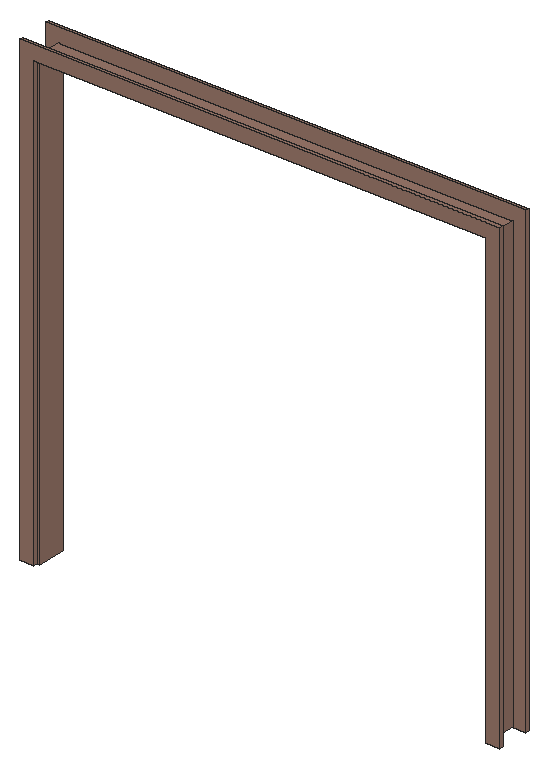
Revit family
Parameters (values of type "2400 x 2400mm")
  프레임 재료 = 문 - 프레임
  높이 = 2400 mm
  자르기 두께 = 20 mm
  자르기 폭 = 75 mm
  폭 = 2400 mm
  Assembly Code = ""
Reference planes
  plane 1: y = 0
  plane 2 "중심(왼쪽/오른쪽)": x = -8.189
  plane 3 "오른쪽": x = 1191.811
  plane 4 "좌측면": x = -1208.189
  plane 5 "상단": z = 2400
  plane 6: y = 96.2
  plane 7: y = -96.2
Forms (mm)
  Sweep 1, solid, material "문 - 프레임" <- "프레임 재료", detail levels medium+fine
    path in 3D
      loop
        line (1191.811, 76.2, 0) -> (1191.811, 76.2, 2400) -> (-1208.189, 76.2, 2400) -> (-1208.189, 76.2, 0)
    profile origin (372.811, 0, 1200) x (0, 1, 0) y (-1, 0, 0)
      loop
        line (76.2, -818.05) -> (76.2, -799) -> (-76.2, -799) -> (-76.2, -818.05) -> (76.2, -818.05)
  Extrusion 2, solid, material "문 - 프레임" <- "프레임 재료", detail levels medium+fine
    sketch origin (-1524, 76.2, 0) x (-1, 0, 0) y (0, 0, 1)
      loop
        line (-2709.461, 0) -> (-2709.461, 2393.65) -> (-322.161, 2393.65) -> (-322.161, 0) -> (-247.161, 0) -> (-247.161, 2474.05) -> (-2784.461, 2474.05) -> (-2784.461, 0) -> (-2709.461, 0)
    from 0 to 20
  Extrusion 3, solid, material "문 - 프레임" <- "프레임 재료", detail levels medium+fine
    sketch origin (-1524, -76.2, 0) x (1, 0, 0) y (0, 0, 1)
      loop
        line (322.161, 2393.65) -> (2709.461, 2393.65) -> (2709.461, 0) -> (2784.461, 0) -> (2784.461, 2468.65) -> (247.161, 2468.65) -> (247.161, 0) -> (322.161, 0) -> (322.161, 2393.65)
    from 0 to 20
Lines and regions (mm)
  Opening 1
    outline origin (-1524, -76.2, 0) x (1, 0, 0) y (0, 0, 1)
      loop
        line (2715.811, 2400) -> (315.811, 2400) -> (315.811, 0) -> (2715.811, 0) -> (2715.811, 2400)
  symbolic lines, style "오버헤드"
    curve 1: line (-1208.189, 76.2, 0) -> (1191.811, 76.2, 0)
    curve 2: line (-1208.189, -76.2, 0) -> (1191.811, -76.2, 0)
  sketch lines
    curve 3: line (1191.811, 76.2, 0) -> (1191.811, 76.2, 2400)
    curve 4: line (1191.811, 76.2, 2400) -> (-1208.189, 76.2, 2400)
    curve 5: line (-1208.189, 76.2, 2400) -> (-1208.189, 76.2, 0)
  symbolic lines, style "GenericModel", detail levels medium+fine
    curve 6: line (-1276.839, 76.2, 0) -> (-1276.839, 96.2, 0)
    curve 7: line (-1276.839, 96.2, 0) -> (-1201.839, 96.2, 0)
    curve 8: line (-1201.839, 96.2, 0) -> (-1201.839, 76.2, 0)
    curve 9: line (-1188.189, 76.2, 0) -> (-1188.189, -76.2, 0)
    curve 10: line (-1201.839, -76.2, 0) -> (-1201.839, -96.2, 0)
    curve 11: line (-1201.839, -96.2, 0) -> (-1276.839, -96.2, 0)
    curve 12: line (-1276.839, -96.2, 0) -> (-1276.839, -76.2, 0)
    curve 13: line (1260.461, 76.2, 0) -> (1260.461, 96.2, 0)
    curve 14: line (1260.461, 96.2, 0) -> (1185.461, 96.2, 0)
    curve 15: line (1185.461, 96.2, 0) -> (1185.461, 76.2, 0)
    curve 16: line (1171.811, 76.2, 0) -> (1171.811, -76.2, 0)
    curve 17: line (1185.461, -76.2, 0) -> (1185.461, -96.2, 0)
    curve 18: line (1185.461, -96.2, 0) -> (1260.461, -96.2, 0)
    curve 19: line (1260.461, -96.2, 0) -> (1260.461, -76.2, 0)
Text (mm)
  text "측면 배치" at (0, 1019.848, 3124.603), in view "오른쪽"
  text "측면 배치" at (-1787.662, 1269.283, 0), in view "참조 레벨"
  text "측면 배치" at (0, 1504.039, 2975.729), in view "좌측면"
Dimensions and locks
  "폭": plane 4 "좌측면" to plane 3 "오른쪽"
  equal spacing: plane 4 "좌측면", plane 2 "중심(왼쪽/오른쪽)", plane 3 "오른쪽"
  "높이": host wall to plane 5 "상단"
  "자르기 두께": Sweep 1 sketch curve to plane 3 "오른쪽"
  plane 3 "오른쪽" to Extrusion 2 sketch curve = 6.35 mm
  "자르기 폭": Extrusion 2 sketch curve to Extrusion 2 sketch curve  (x2)
  locked: plane 4 "좌측면" to Extrusion 2 sketch curve at 6.35
  locked: Extrusion 2 sketch curve to plane 5 "상단" at 6.35
  "자르기 폭": Sweep 1 to Extrusion 2 sketch curve
  locked: Extrusion 3 sketch curve to plane 4 "좌측면" at 6.35
  "자르기 폭": Extrusion 3 sketch curve to Extrusion 3 sketch curve  (x3)
  locked: plane 5 "상단" to Extrusion 3 sketch curve at 6.35
  locked: plane 3 "오른쪽" to Extrusion 3 sketch curve at 6.35
  "자르기 두께": host wall to plane 6
  "자르기 두께": plane 7 to host wall
  aligned and locked: plane 3 "오른쪽" to Opening 1 sketch curve
  aligned and locked: Opening 1 sketch curve to plane 5 "상단"
  aligned and locked: level to Opening 1 sketch curve
  aligned and locked: Opening 1 sketch curve to plane 4 "좌측면"
  aligned and locked: host wall to Sweep 1 sketch curve  (x2)
  aligned and locked: Extrusion 2 to plane 6
  aligned and locked: Extrusion 3 to plane 7
Automatic sketch dimensions
  Sweep 1 sketch curve to Sweep 1 sketch curve = 19.05 mm
  Extrusion 2 sketch curve to level = 0 mm  (x2)
  Extrusion 3 sketch curve to level = 0 mm  (x2)
  curve 12 to plane 7 = 0 mm
  curve 7 to plane 6 = 0 mm
  curve 12 to host wall = 0 mm
  curve 6 to host wall = 0 mm
  curve 2 to host wall = 0 mm
  curve 2 to plane 4 "좌측면" = 0 mm
  curve 1 to host wall = 0 mm
  curve 1 to plane 4 "좌측면" = 0 mm
  curve 17 to plane 7 = 0 mm
  curve 14 to plane 6 = 0 mm
  curve 1 to plane 3 "오른쪽" = 0 mm
  curve 2 to plane 3 "오른쪽" = 0 mm
  curve 13 to host wall = 0 mm
  curve 19 to host wall = 0 mm
  curve 11 to plane 4 "좌측면" = 68.65 mm
  curve 6 to plane 4 "좌측면" = 68.65 mm
  curve 2 to curve 10 = 6.35 mm
  curve 1 to curve 8 = 6.35 mm
  curve 10 to curve 9 = 13.65 mm
  curve 16 to plane 3 "오른쪽" = 20 mm
  curve 17 to plane 3 "오른쪽" = 6.35 mm
  curve 14 to plane 3 "오른쪽" = 6.35 mm
  plane 3 "오른쪽" to curve 13 = 68.65 mm
  plane 3 "오른쪽" to curve 18 = 68.65 mm
